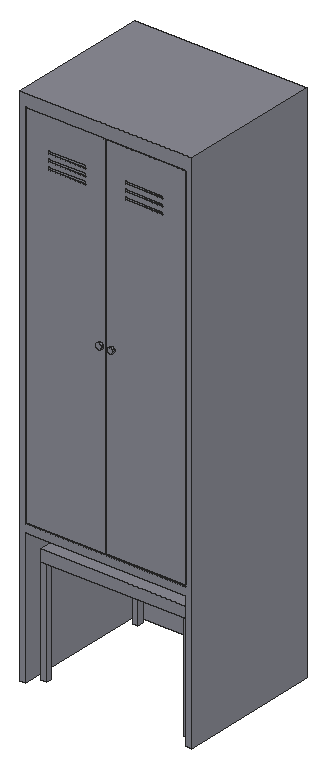
Revit family "Шкаф для одежды ШР 22 600 ВСК", category Оборудование, Revit 2017
Family settings
  Размер круглого соединителя = Использовать диаметр
  Тип детали = Нормальный
  На основе рабочей плоскости = Нет
  Всегда вертикально = Да
  При загрузке вырезать с полостями = Нет
  Общий = Нет
  Точка расчета площади = Нет
Parameters (values of type "Тип")
  Ширина = 600.0 mm
  Примечание = ""
  Позиция = ""
  Обозначение = "ШР 22 600 ВСК"
  Наименование = "Шкаф металлический двухсекционный с выдвижной скамьёй (в каждой секции перекладина, 2 крючка, полка под головной убор, скамья гардеробная)"
  Масса = "52,0"
  Код оборудования = ""
  Keynote = ""
  Изготовитель = "Severin"
  Завод = "ПрофСпецМебель"
  Единицы = "шт."
  Model = ""
  Глубина = 500.0 mm
  Высота = 1850.0 mm
Reference planes
  plane 1 "По центру (Вперед/Назад)": y = 0
  plane 2: z = 0
  plane 3 "По центру (Влево/Вправо)": x = 0
  plane 4: x = -300
  plane 5: x = 300
  plane 6: y = 250
  plane 7: y = -250
  plane 8: z = 1850
  plane 9: z = 500
  plane 10: z = 470
  plane 11: z = 1830
  plane 12: z = 410
  plane 13: z = 370
Forms (mm)
  Extrusion 1, solid, material "Сталь серая окрашенная порошковым методом", detail levels fine
    sketch origin (0, 0, 0) x (1, 0, 0) y (0, 1, 0)
      loop
        line (-300, 250) -> (-300, -250) -> (300, -250) -> (300, 250) -> (-300, 250)
    from 0 to 1850
  Extrusion 2, void, detail levels fine
    sketch origin (0, 0, 0) x (1, 0, 0) y (0, 0, 1)
      loop
        line (-280, 0) -> (280, 0) -> (280, 470) -> (-280, 470) -> (-280, 0)
    from -230 to 250
  Extrusion 3, void, detail levels fine
    sketch origin (300, -250, 0) x (1, 0, 0) y (0, 0, -1)
      loop
        line (-580, -1805) -> (-20, -1805) -> (-20, -500) -> (-580, -500) -> (-580, -1805)
      loop
        line (-23, -503) -> (-298, -503) -> (-298, -1802) -> (-23, -1802) -> (-23, -503)
      loop
        line (-577, -503) -> (-577, -1802) -> (-302, -1802) -> (-302, -503) -> (-577, -503)
      loop
        line (-499.968, -1696.573) -> (-369.968, -1696.573) -> (-369.968, -1686.573) -> (-499.968, -1686.573) -> (-499.968, -1696.573)
      loop
        line (-499.968, -1671.573) -> (-369.968, -1671.573) -> (-369.968, -1661.573) -> (-499.968, -1661.573) -> (-499.968, -1671.573)
      loop
        line (-499.968, -1646.573) -> (-369.968, -1646.573) -> (-369.968, -1636.573) -> (-499.968, -1636.573) -> (-499.968, -1646.573)
      loop
        line (-100.032, -1696.573) -> (-100.032, -1686.573) -> (-230.032, -1686.573) -> (-230.032, -1696.573) -> (-100.032, -1696.573)
      loop
        line (-100.032, -1671.573) -> (-100.032, -1661.573) -> (-230.032, -1661.573) -> (-230.032, -1671.573) -> (-100.032, -1671.573)
      loop
        line (-100.032, -1646.573) -> (-100.032, -1636.573) -> (-230.032, -1636.573) -> (-230.032, -1646.573) -> (-100.032, -1646.573)
    from 0 to 3
  Extrusion 4, solid, material "Сталь серая окрашенная порошковым методом", detail levels fine
    sketch origin (0, 0, 0) x (1, 0, 0) y (0, 1, 0)
      loop
        line (-260, 210) -> (-260, 190) -> (-240, 190) -> (-240, 210) -> (-260, 210)
      loop
        line (260, 190) -> (260, 210) -> (240, 210) -> (240, 190) -> (260, 190)
      loop
        line (260, -210) -> (260, -190) -> (240, -190) -> (240, -210) -> (260, -210)
      loop
        line (-240, -210) -> (-240, -190) -> (-260, -190) -> (-260, -210) -> (-240, -210)
    from 0 to 370
  Extrusion 5, solid, material "Сталь серая окрашенная порошковым методом", detail levels fine
    sketch origin (0, 0, 0) x (1, 0, 0) y (0, 0, 1)
      loop
        line (-260, 410) -> (-260, 370) -> (260, 370) -> (260, 410) -> (-260, 410)
    from -210 to 210
  Extrusion 6, solid, material "Сталь серая окрашенная порошковым методом"
    sketch origin (-1318.989, -250, 1200) x (-1, 0, 0) y (0, 0, 1)
      loop
        circle (-1338.989, -50) r 10
      loop
        circle (-1298.989, -50) r 10
    from 0 to -7
Cuts and joins
  Extrusion 2, Extrusion 3 cuts Extrusion 1
Lines and regions (mm)
  symbolic lines, detail levels coarse+medium
    curve 1: line (-300, -250, 0) -> (-300, 250, 0)
    curve 2: line (300, -250, 0) -> (-300, -250, 0)
    curve 3: line (300, 250, 0) -> (300, -250, 0)
    curve 4: line (-300, 250, 0) -> (0, 250, 0)
    curve 5: line (0, 250, 0) -> (300, 250, 0)
    curve 6: line (0, 250, 0) -> (0, -250, 0)
    curve 7: line (0, -250, 0) -> (-150, 250, 0)
    curve 8: line (-150, 250, 0) -> (-300, -250, 0)
    curve 9: line (0, -250, 0) -> (150, 250, 0)
    curve 10: line (150, 250, 0) -> (300, -250, 0)
  symbolic lines, style "InvisibleLines", detail levels coarse+medium
    curve 11: line (-260, -600, 0) -> (-260, -250, 0)
    curve 12: line (260, -600, 0) -> (-260, -600, 0)
    curve 13: line (260, -250, 0) -> (260, -600, 0)
Dimensions and locks
  equal spacing: plane 4, plane 3 "По центру (Влево/Вправо)", plane 5
  "Ширина": plane 4 to plane 5
  equal spacing: plane 6, plane 1 "По центру (Вперед/Назад)", plane 7
  "Глубина": plane 6 to plane 7
  "Высота": plane 8 to plane 2
  locked: plane 9 to plane 2 at 500
  locked: plane 9 to plane 10 at 30
  locked: plane 8 to plane 11 at 20
  plane 5 to Extrusion 2 sketch curve to Extrusion 2 sketch curve = 20.0 mm, 560.0 mm
  locked: plane 8 to Extrusion 3 sketch curve at 45
  locked: Extrusion 3 sketch curve to Extrusion 3 sketch curve at 3  (x2)
  equal spacing: Extrusion 3 sketch curve, plane 3 "По центру (Влево/Вправо)", Extrusion 3 sketch curve
  locked: Extrusion 3 sketch curve to Extrusion 3 sketch curve at 4
  locked: Extrusion 3 sketch curve to plane 9 at 3  (x2)
  equal spacing: plane 3 "По центру (Влево/Вправо)", Extrusion 3 sketch curve, Extrusion 3 sketch curve
  plane 11 to Extrusion 3 sketch curve to Extrusion 3 sketch curve to Extrusion 3 sketch curve to Extrusion 3 sketch curve to Extrusion 3 sketch curve to Extrusion 3 sketch curve = 133.427 mm locked, 10.0 mm locked, 15.0 mm locked, 10.0 mm locked, 15.0 mm locked, 10.0 mm locked
  Extrusion 3 sketch curve to Extrusion 3 sketch curve to Extrusion 3 sketch curve to Extrusion 3 sketch curve to Extrusion 3 sketch curve to Extrusion 3 sketch curve = 10.0 mm locked, 15.0 mm locked, 10.0 mm locked, 15.0 mm locked, 10.0 mm locked
  equal spacing: Extrusion 3 sketch curve, Extrusion 3 sketch curve, plane 3 "По центру (Влево/Вправо)"
  locked: plane 10 to plane 12 at 60
  locked: plane 12 to plane 13 at 40
  plane 9 to Extrusion 2 = 30.0 mm
  Extrusion 2 to level = 470.0 mm
  aligned and locked: level to plane 2
  aligned and locked: Extrusion 1 sketch curve to plane 6
  aligned and locked: plane 4 to Extrusion 1 sketch curve
  aligned and locked: Extrusion 1 sketch curve to plane 5
  aligned and locked: plane 8 to Extrusion 1
  aligned and locked: Extrusion 2 sketch curve to plane 2
  aligned and locked: plane 10 to Extrusion 2 sketch curve
  aligned and locked: Extrusion 2 to plane 7
  aligned and locked: Extrusion 3 sketch curve to plane 9
  aligned and locked: plane 13 to Extrusion 4
  aligned and locked: Extrusion 5 sketch curve to plane 12
  aligned and locked: Extrusion 5 sketch curve to Extrusion 4  (x2)
  aligned and locked: curve 1 to cut or joined group of Extrusion 1, Extrusion 2, Extrusion 3
  aligned and locked: curve 2 to cut or joined group of Extrusion 1, Extrusion 2, Extrusion 3
  aligned and locked: curve 3 to cut or joined group of Extrusion 1, Extrusion 2, Extrusion 3
  aligned and locked: curve 5 to plane 6
  aligned and locked: curve 4 to plane 6
  aligned and locked: curve 6 to plane 3 "По центру (Влево/Вправо)"
Automatic sketch dimensions
  Extrusion 1 sketch curve to plane 7 = 0.0 mm
  Extrusion 3 sketch curve to Extrusion 1 = 100.032 mm
  Extrusion 3 sketch curve to Extrusion 3 sketch curve = 0.0 mm  (x9)
  Extrusion 3 sketch curve to Extrusion 3 sketch curve = 130.0 mm
  Extrusion 3 sketch curve to Extrusion 1 = 48.0 mm
  Extrusion 3 sketch curve to Extrusion 3 sketch curve = 105.427 mm
  Extrusion 3 sketch curve to Extrusion 3 sketch curve = 139.936 mm
  Extrusion 1 to Extrusion 3 sketch curve = 100.032 mm
  plane 3 "По центру (Влево/Вправо)" to curve 10 = 150.0 mm
  curve 12 to plane 5 = 40.0 mm
  Extrusion 1 to Extrusion 3 sketch curve = 23.0 mm
  Extrusion 4 sketch curve to plane 5 = 60.0 mm  (x2)
  Extrusion 4 sketch curve to Extrusion 4 sketch curve = 20.0 mm  (x8)
  plane 4 to curve 11 = 40.0 mm
  curve 1 to curve 8 = 150.0 mm
  Extrusion 3 sketch curve to Extrusion 1 = 23.0 mm
  plane 4 to Extrusion 4 sketch curve = 60.0 mm  (x2)
  plane 4 to Extrusion 5 sketch curve = 40.0 mm
  Extrusion 4 sketch curve to plane 6 = 60.0 mm  (x2)
  curve 11 to curve 11 = 350.0 mm
  plane 7 to Extrusion 4 sketch curve = 60.0 mm  (x2)
  level to Extrusion 6 sketch curve = 1150.0 mm  (x2)
  plane 3 "По центру (Влево/Вправо)" to Extrusion 6 sketch curve = 20.0 mm
  Extrusion 6 sketch curve to plane 3 "По центру (Влево/Вправо)" = 20.0 mm
  radius of Extrusion 6 sketch curve = 10.0 mm  (x2)
